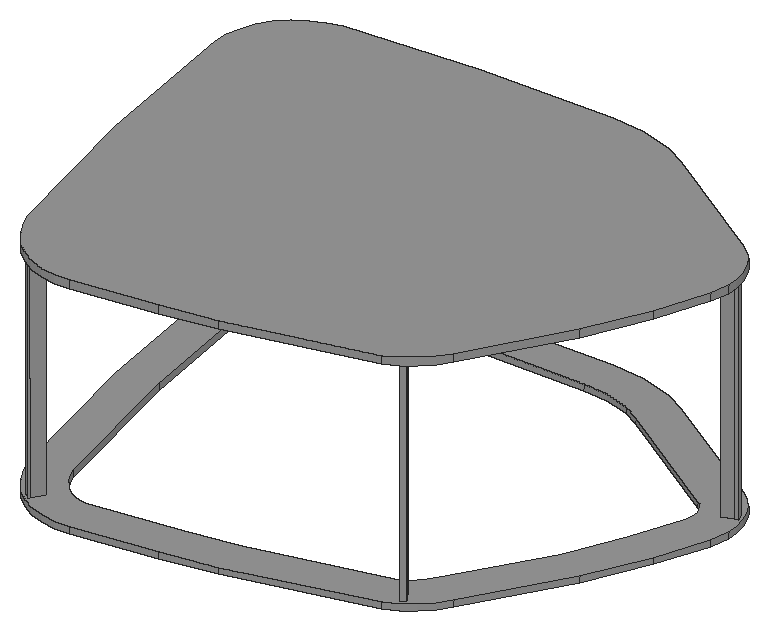
Revit family "Bernhardt-Design_Table_Chance_Coffee", category Furniture, Revit 2013
Parameters (values of type "Chance Coffee Table")
  Model = "Chance Table"
  Length = 2' - 6 3/16"
  Description = "Table"
  Width = 3' - 0 13/16"
  URL = "http://bernhardtdesign.com/"
  Product Page URL = "http://www.bernhardtdesign.com/products/chance/index.html"
  Product Name = "Chance Coffee Table"
  Product Documentation Link = "http://www.bernhardtdesign.com/pdf/pricelists/occasional/Chance_PL.pdf"
  Manufacturer = "Bernhardt "  # constant formula
  Level Certification = ""
  Height = 1' - 3"
  GreenGuard Certification = ""
  Bernhardt Wood = Wood-Bernhardt-Walnut
  Bernhardt Metal = Metal-Bernhardt-Polished
Reference planes (in)
  plane 1 "Center (Front/Back)": y = 0
  plane 2 "Bottom": z = 0
  plane 3 "Center (Left/Right)": x = 0
  plane 4 "Top of Upper Base": z = 14.52362
  plane 5 "Top of Lower Base": z = 0.39514
  plane 6 "Table Top": z = 15.02143
Forms (in)
  Extrusion 1, solid, material "Wood-Bernhardt-Walnut" <- "Bernhardt Wood"
    sketch origin (-0.25, -14.06214, 14.52362) x (1, 0, 0) y (0, -1, 0)
      loop
        line (-11.96557, -29.65182) -> (-3.51213, -30.54032) -> (4.98269, -30.83696)
        arc (4.98269, -30.83696) -> (7.15572, -30.68501) -> (9.24967, -30.08458) r 10.41982
        line (9.24967, -30.08458) -> (10.59611, -29.42418) -> (18.71325, -24.45999)
        arc (18.71325, -24.45999) -> (20.18338, -22.8986) -> (20.65575, -20.80668) r 4.06998
        line (20.65575, -20.80668) -> (20.43869, -19.57567) -> (19.2992, -16.26636) -> (17.57057, -12.38379) -> (14.07057, -6.32161)
        arc (14.07057, -6.32161) -> (12.87588, -4.8463) -> (11.28378, -3.81237) r 6.06763
        line (11.28378, -3.81237) -> (2.43853, -1.4423) -> (-0.99717, -0.77447) -> (-6.26762, 0.06029)
        arc (-6.26762, 0.06029) -> (-8.61114, -0.12415) -> (-10.61549, -1.35242) r 5.03493
        arc (-10.61549, -1.35242) -> (-11.34139, -2.21751) -> (-11.90604, -3.19551) r 6.47862
        line (-11.90604, -3.19551) -> (-12.15821, -3.7363) -> (-14.55355, -14.11166) -> (-16.12128, -24.33275)
        arc (-16.12128, -24.33275) -> (-15.10665, -27.82297) -> (-11.96557, -29.65182) r 4.89572
    from 0 to -0.49781
  Extrusion 2, solid, material "Metal-Bernhardt-Polished" <- "Bernhardt Metal"
    sketch origin (0, -14.81214, 14.52362) x (1, 0, 0) y (0, -1, 0)
      loop
        line (-10.06561, -1.8043) -> (-10.10189, -1.74941) -> (-10.43032, -1.96651) -> (-9.90927, -2.75475) -> (-9.58084, -2.53765) -> (-10.06392, -1.80687)
      loop
        line (11.55321, -5.39286) -> (11.06724, -6.0432) -> (11.38268, -6.27876) -> (11.86858, -5.62853) -> (11.9483, -5.52187) -> (11.63285, -5.2863) -> (11.55321, -5.39286)
      loop
        line (18.94414, -22.96176) -> (19.83715, -23.27054) -> (19.96579, -22.89845) -> (19.78795, -22.83695) -> (19.07279, -22.58968) -> (18.94414, -22.96176)
      loop
        line (-14.68707, -28.08856) -> (-15.31462, -28.57939) -> (-15.43133, -28.67068) -> (-15.18878, -28.98079) -> (-15.07206, -28.8895) -> (-14.44451, -28.39867) -> (-14.68707, -28.08856)
    from 0 to 14.12848
  Extrusion 3, solid, material "Metal-Bernhardt-Polished" <- "Bernhardt Metal"
    sketch origin (0, 0, 0) x (1, 0, 0) y (0, 1, 0)
      loop
        line (-3.76213, 16.47818) -> (-12.21557, 15.58968)
        arc (-12.21557, 15.58968) -> (-15.35665, 13.76083) -> (-16.37128, 10.27061) r 4.89572
        line (-16.37128, 10.27061) -> (-14.80355, 0.04952) -> (-12.40821, -10.32584) -> (-12.15604, -10.86663)
        arc (-12.15604, -10.86663) -> (-11.59139, -11.84463) -> (-10.86549, -12.70972) r 6.47862
        arc (-10.86549, -12.70972) -> (-8.86114, -13.93799) -> (-6.51762, -14.12243) r 5.03493
        line (-6.51762, -14.12243) -> (-1.24717, -13.28767) -> (2.18853, -12.61984) -> (11.03378, -10.24977)
        arc (11.03378, -10.24977) -> (12.62588, -9.21584) -> (13.82057, -7.74053) r 6.06763
        line (13.82057, -7.74053) -> (17.32057, -1.67835) -> (19.0492, 2.20422) -> (20.18869, 5.51353) -> (20.40575, 6.74454)
        arc (20.40575, 6.74454) -> (19.93338, 8.83646) -> (18.46325, 10.39785) r 4.06998
        line (18.46325, 10.39785) -> (10.34611, 15.36204) -> (8.99967, 16.02244)
        arc (8.99967, 16.02244) -> (6.90572, 16.62287) -> (4.73269, 16.77482) r 10.41982
        line (4.73269, 16.77482) -> (-3.76213, 16.47818)
      loop
        line (-3.58763, 13.98275) -> (-11.89246, 13.10987)
        arc (-11.89246, 13.10987) -> (-13.38263, 12.22677) -> (-13.88796, 10.56994) r 2.39572
        line (-13.88796, 10.56994) -> (-12.34661, 0.52087) -> (-10.06011, -9.38305)
        arc (-10.06011, -9.38305) -> (-9.66987, -10.21865) -> (-9.09772, -10.94196) r 3.97862
        arc (-9.09772, -10.94196) -> (-8.08859, -11.56035) -> (-6.90871, -11.65321) r 2.53493
        line (-6.90871, -11.65321) -> (-1.68135, -10.82528) -> (1.62581, -10.18243) -> (10.17139, -7.89265)
        arc (10.17139, -7.89265) -> (11.01589, -7.30002) -> (11.6555, -6.49053) r 3.56763
        line (11.6555, -6.49053) -> (15.09, -0.54182) -> (16.72094, 3.12135) -> (17.82489, 6.32745) -> (17.90078, 6.75786)
        arc (17.90078, 6.75786) -> (17.7484, 7.61904) -> (17.15891, 8.26508) r 1.56998
        line (17.15891, 8.26508) -> (9.1409, 13.16865) -> (7.98519, 13.7355)
        arc (7.98519, 13.7355) -> (6.43026, 14.16803) -> (4.81994, 14.27635) r 7.91982
        line (4.81994, 14.27635) -> (-3.58763, 13.98275)
    from 0 to 0.39514
Lines and regions (in)
  symbolic lines
    curve 1: arc (-16.37128, 10.27061, 0) -> (-15.35665, 13.76083, 0) -> (-12.21557, 15.58968, 0) r 4.89572
    curve 2: line (-3.76213, 16.47818, 0) -> (-12.21557, 15.58968, 0)
    curve 3: line (4.73269, 16.77482, 0) -> (-3.76213, 16.47818, 0)
    curve 4: arc (4.73269, 16.77482, 0) -> (6.90572, 16.62287, 0) -> (8.99967, 16.02244, 0) r 10.41982
    curve 5: line (10.34611, 15.36204, 0) -> (8.99967, 16.02244, 0)
    curve 6: line (18.46325, 10.39785, 0) -> (10.34611, 15.36204, 0)
    curve 7: arc (18.46325, 10.39785, 0) -> (19.93338, 8.83646, 0) -> (20.40575, 6.74454, 0) r 4.06998
    curve 8: line (20.18869, 5.51353, 0) -> (20.40575, 6.74454, 0)
    curve 9: line (19.0492, 2.20422, 0) -> (20.18869, 5.51353, 0)
    curve 10: line (17.32057, -1.67835, 0) -> (19.0492, 2.20422, 0)
    curve 11: line (13.82057, -7.74053, 0) -> (17.32057, -1.67835, 0)
    curve 12: arc (13.82057, -7.74053, 0) -> (12.62588, -9.21584, 0) -> (11.03378, -10.24977, 0) r 6.06763
    curve 13: line (2.18853, -12.61984, 0) -> (11.03378, -10.24977, 0)
    curve 14: line (-1.24717, -13.28767, 0) -> (2.18853, -12.61984, 0)
    curve 15: line (-6.51762, -14.12243, 0) -> (-1.24717, -13.28767, 0)
    curve 16: arc (-6.51762, -14.12243, 0) -> (-8.86114, -13.93799, 0) -> (-10.86549, -12.70972, 0) r 5.03493
    curve 17: arc (-10.86549, -12.70972, 0) -> (-11.59139, -11.84463, 0) -> (-12.15604, -10.86663, 0) r 6.47862
    curve 18: line (-14.80355, 0.04952, 0) -> (-12.40821, -10.32584, 0)
    curve 19: line (-16.37128, 10.27061, 0) -> (-14.80355, 0.04952, 0)
Dimensions and locks (in)
  aligned and locked: plane 2 "Bottom" to level
  aligned and locked: Extrusion 2 to plane 5 "Top of Lower Base"
  aligned and locked: plane 5 "Top of Lower Base" to Extrusion 3
  aligned and locked: curve 19 to Extrusion 1
  aligned and locked: Extrusion 3 to Extrusion 2
  aligned and locked: Extrusion 3 to level
  aligned and locked: Extrusion 1 to plane 6 "Table Top"
  aligned and locked: plane 4 "Top of Upper Base" to Extrusion 1
  aligned and locked: Extrusion 2 to plane 4 "Top of Upper Base"
